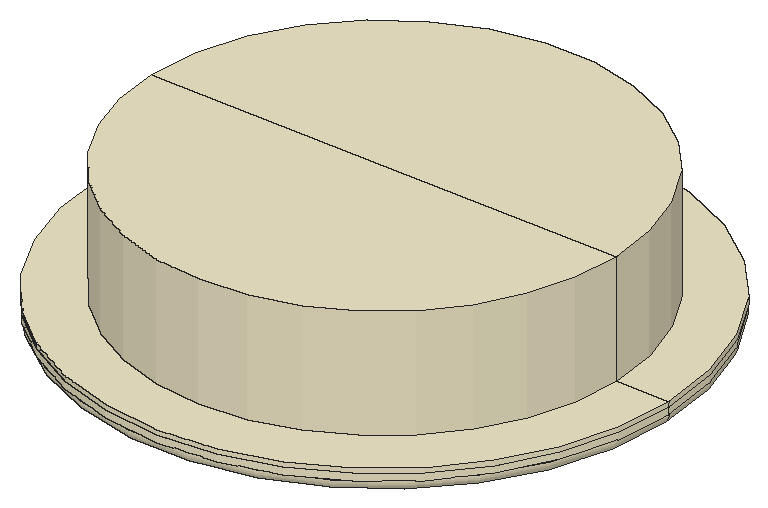
Revit family "Exhaust Valve", category Air Terminals, Revit 2013
Parameters (values of type "200 Dia")
  URL = ""
  Model = ""
  Manufacturer = ""
  Flow [instance] = 200 L/s
  Flange Radius = 122.5 mm
  Duct Radius = 100.0 mm
  Diffuser Service = "EV"
  Air Flow [instance] = Flow  # 200 L/s
Types (4, lengths in mm): name | Flow | Flange Radius | Duct Radius | Air Flow
  100 Dia | 50 L/s | 66.0 | 50.0 | 50 L/s
  125 Dia | 100 L/s | 81.0 | 62.5 | 100 L/s
  160 Dia | 150 L/s | 102.5 | 80.0 | 150 L/s
  200 Dia | 200 L/s | 122.5 | 100.0 | 200 L/s
Reference planes
  plane 1 "Center (Front/Back)": y = 0
  plane 2: z = 0
  plane 3 "Center (Left/Right)": x = 0
  plane 4: z = -8
  plane 5: x = 100
  plane 6: y = -10.319
  plane 7: y = -25.4
  plane 8: y = -25.4
  plane 9: y = -57.15
  plane 10: y = -46.038
  plane 11: y = -100.013
  plane 12 "Duct": z = 50
  plane 13: x = 122.5
  plane 14: x = 85
  plane 15: z = 40
Forms (mm)
  Revolve 1, solid, material "Grille"
    sketch origin (0, 0, 0) x (1, 0, 0) y (0, 0, 1)
      loop
        line (122.5, 0) -> (120.5, 0) -> (120.5, -3)
        arc (120.5, -3) -> (119.621, -5.121) -> (117.5, -6) r 3
        line (117.5, -6) -> (96.822, -6) -> (87.045, 40) -> (85, 40) -> (95.203, -8) -> (117.5, -8)
        arc (117.5, -8) -> (121.036, -6.536) -> (122.5, -3) r 5
        line (122.5, -3) -> (122.5, 0)
      axis (0, 40) -> (0, -8)
    angle from 0 to 360
  Revolve 2, solid, material "Grille"
    sketch origin (0, 0, 0) x (1, 0, 0) y (0, 0, 1)
      loop
        line (0, 50) -> (0, 48) -> (98, 48) -> (98, 0) -> (122.5, 0) -> (122.5, 1.982) -> (100, 1.982) -> (100, 50) -> (0, 50)
      axis (0, 50) -> (0, 0)
    angle from 0 to 360
  Revolve 3, solid, material "Grille"
    sketch origin (0, 0, 0) x (1, 0, 0) y (0, 0, 1)
      loop
        line (0, -8) -> (85, -8)
        arc (85, -8) -> (89, -4) -> (85, 0) r 4
        line (85, 0) -> (0, 0) -> (0, -8)
      axis (0, 0) -> (0, -8)
    angle from 0 to 360
Dimensions and locks
  locked: plane 1 "Center (Front/Back)" to plane 6 at 10.319
  locked: plane 1 "Center (Front/Back)" to plane 7 at 25.4
  locked: plane 1 "Center (Front/Back)" to plane 8 at 25.4
  locked: plane 1 "Center (Front/Back)" to plane 9 at 57.15
  locked: plane 1 "Center (Front/Back)" to plane 10 at 46.038
  locked: plane 1 "Center (Front/Back)" to plane 11 at 100.013
  "Duct Radius": plane 5 to plane 3 "Center (Left/Right)"
  "Flange Radius": plane 13 to plane 3 "Center (Left/Right)"
  locked: plane 5 to plane 14 at 15
Automatic sketch dimensions
  Revolve 3 sketch curve to plane 3 "Center (Left/Right)" = 0.0 mm  (x2)
  Revolve 3 sketch curve to level = 0.0 mm
  Revolve 3 sketch curve to plane 14 = 0.0 mm
  Revolve 3 sketch curve to plane 4 = 0.0 mm
  Revolve 3 sketch curve to plane 4 = 11.56 mm
  Revolve 3 sketch curve to plane 12 "Duct" = 21.915 mm
  Revolve 1 sketch curve to Revolve 1 sketch curve = 0.0 mm  (x2)
  Revolve 1 sketch curve to plane 14 = 0.0 mm
  Revolve 1 sketch curve to plane 15 = 0.0 mm
  Revolve 1 sketch curve to plane 4 = 0.0 mm
  Revolve 1 sketch curve to level = 0.0 mm
  Revolve 1 sketch curve to plane 13 = 0.0 mm
  Revolve 1 sketch curve to plane 3 "Center (Left/Right)" = 0.0 mm
  Revolve 1 sketch curve to plane 5 = 3.178 mm
  Revolve 1 sketch curve to Revolve 1 sketch curve = 3.0 mm
  Revolve 1 sketch curve to plane 4 = 17.0 mm
  plane 12 "Duct" to Revolve 1 sketch curve = 30.0 mm
  plane 14 to Revolve 1 sketch curve = 2.045 mm
  plane 4 to Revolve 1 sketch curve = 2.0 mm
  Revolve 1 sketch curve to Revolve 1 sketch curve = 1.62 mm
  Revolve 2 sketch curve to plane 3 "Center (Left/Right)" = 0.0 mm  (x2)
  Revolve 2 sketch curve to level = 0.0 mm
  Revolve 2 sketch curve to plane 5 = 0.0 mm
  Revolve 2 sketch curve to plane 13 = 0.0 mm
  Revolve 2 sketch curve to plane 12 "Duct" = 0.0 mm
  Revolve 2 sketch curve to plane 5 = 2.0 mm
  Revolve 2 sketch curve to Revolve 2 sketch curve = 1.982 mm
  Revolve 2 sketch curve to plane 12 "Duct" = 2.0 mm
  Revolve 2 sketch curve to plane 4 = 9.171 mm
  Revolve 2 sketch curve to Revolve 2 sketch curve = 12.829 mm
Connectors
  hvac at (0, 0, 50), driven by "Duct Radius"
    settings: on Revolve 2, index 1, duct flow 0 L/s, flow factor 0, pres drop 0.00 in-wg, loss coef 0, conn angle 0.00°, conn width 304.8 mm, conn height 304.8 mm, conn radius 100.0 mm, duct sys type 3, conn prof type 0, flow config 0, flow direction 0, loss method 0, conn ref index -1, conn util no, is conn primary yes, conn desc ""
